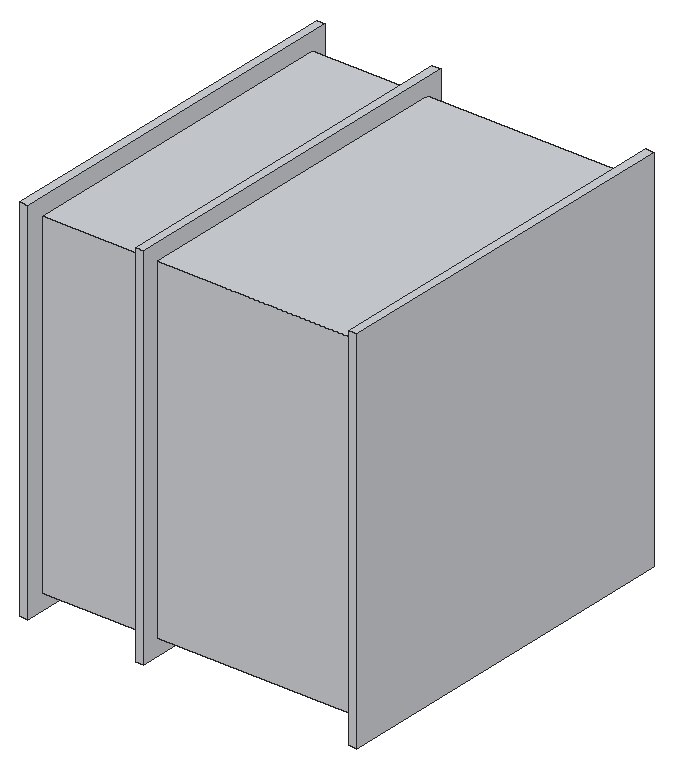
Revit family "D3060.40_Motorized Fire Damper", category Duct Accessories, Revit 2020
Family settings
  Round Connector Dimension = Use Diameter
  Part Type = Breaks Into
  OmniClass Number = 23.75.70.11.14.14
  OmniClass Title = Dampers for Air Ductwork
  Work Plane-Based = No
  Always vertical = Yes
  Cut with Voids When Loaded = No
  Shared = No
Parameters
  YUV2 [instance] = Half Damper Width - 35 mm  # 165 mm
  YUK [instance] = 2 * Half Damper Height + 40 mm  # 440 mm
  YD2 = yes
  YD1 = no
  URL = ""
  Type Comments = ""
  Symbol Width [instance] = Damper Width * 1.5  # 600 mm
  Model = ""
  Manufacturer = ""
  Keynote = ""
  Half Symbol Width [instance] = Symbol Width / 2  # 300 mm
  Half Damper Width [instance] = Damper Width / 2  # 200 mm
  Half Damper Length = Damper Length / 2  # 190 mm
  Half Damper Height [instance] = Damper Height / 2  # 200 mm
  GEN [instance] = 2 * Half Damper Width + 40 mm  # 440 mm
  Default Elevation = 0 mm
  Damper Yukseklik [instance] = Damper Height  # 400 mm
  Damper Width [instance] = 400 mm
  Damper Material = none
  Damper Length = 380 mm
  Damper Height [instance] = 400 mm
  Damper Genislik [instance] = Damper Width  # 400 mm
  DAMPER YUK [instance] = Damper Yukseklik  # 400 mm
  DAMPER GEN [instance] = Damper Genislik  # 400 mm
  Assembly Code = "D3060.40"
Reference planes
  plane 1 "Center (Front/Back)": y = 0
  plane 2: z = 0
  plane 3 "Center (Left/Right)": x = 0
  plane 4: y = 200
  plane 5: y = -200
  plane 6: z = 200
  plane 7: z = -200
  plane 8: x = -190
  plane 9: x = 190
  plane 10: y = 238.1
  plane 11: y = 244.45
  plane 12: y = 300
  plane 13: y = -300
  plane 14: x = -63
Forms (mm)
  Extrusion 1, solid, material <- "Damper Material", detail levels fine
    sketch origin (0, 0, 0) x (0, 1, 0) y (0, 0, 1)
      loop
        line (-200, 200) -> (-200, -200) -> (200, -200) -> (200, 200) -> (-200, 200)
    from -190 to 190
  Extrusion 2, solid, material <- "Damper Material", detail levels coarse+medium
    sketch origin (0, 0, 0) x (0, 1, 0) y (0, 0, 1)
      loop
        line (200, 200) -> (-200, 200) -> (-200, -200) -> (200, -200) -> (200, 200)
    from -190 to 190
  Extrusion 3, solid, material <- "Damper Material"
    sketch origin (-190, 0, 0) x (0, -1, 0) y (0, 0, 1)
      loop
        line (-220, 220) -> (-220, -220) -> (220, -220) -> (220, 220) -> (-220, 220)
    from 0 to 10
  Extrusion 4, solid, material <- "Damper Material"
    sketch origin (-53, 0, 0) x (0, -1, 0) y (0, 0, 1)
      loop
        line (-220, 220) -> (-220, -220) -> (220, -220) -> (220, 220) -> (-220, 220)
      loop
        line (-200, 200) -> (-200, -200) -> (200, -200) -> (200, 200) -> (-200, 200)
    from 0 to 10
  Extrusion 5, solid, material <- "Damper Material"
    sketch origin (172.5, 0, 0) x (0, -1, 0) y (0, 0, 1)
      loop
        line (-220, 220) -> (-220, -220) -> (220, -220) -> (220, 220) -> (-220, 220)
    from -27.5 to -17.5
  Extrusion 6, solid, material <- "Damper Material"
    sketch origin (-40, 400, 690) x (0, 0, -1) y (-1, 0, 0)
      loop
        line (630, -195) -> (750, -195) -> (750, -32.5) -> (630, -32.5) -> (630, -195)
    from -200 to -130
Lines and regions (mm)
  symbolic lines, detail levels coarse+medium
    curve 1: line (0, 300, 0) -> (0, -300, 0)
    curve 2: line (0, 300, 0) -> (-190, 300, 0)
    curve 3: line (-190, 200, 0) -> (-190, -200, 0)
    curve 4: line (190, 200, 0) -> (190, -200, 0)
  model lines, visible <- "YD2"
    curve 5: line (-63, -200, 200) -> (-190, 200, 200)
    curve 6: line (-63, 200, -200) -> (-190, 200, 200)
    curve 7: line (-190, -200, -200) -> (-63, 200, -200)
    curve 8: line (-190, -200, -200) -> (-63, -200, 200)
    curve 9: line (-190, -200, 200) -> (-63, 200, 200)
    curve 10: line (-63, -200, -200) -> (-190, 200, -200)
    curve 11: line (-63, -200, -200) -> (-190, -200, 200)
    curve 12: line (-190, 200, -200) -> (-63, 200, 200)
  model lines, visible <- "YD1"
    curve 13: line (-103, -200, 200) -> (-190, 200, 200)
    curve 14: line (-190, -200, -200) -> (-103, 200, -200)
    curve 15: line (-190, -200, 200) -> (-103, 200, 200)
    curve 16: line (-103, -200, -200) -> (-190, 200, -200)
    curve 17: line (-103, 200, -200) -> (-190, 200, 200)
    curve 18: line (-190, -200, -200) -> (-103, -200, 200)
    curve 19: line (-103, -200, -200) -> (-190, -200, 200)
    curve 20: line (-190, 200, -200) -> (-103, 200, 200)
Dimensions and locks
  "Half Damper Width": plane 4 to plane 1 "Center (Front/Back)"
  "Half Damper Width": plane 1 "Center (Front/Back)" to plane 5
  "Half Damper Height": plane 6 to plane 2
  "Half Damper Height": plane 2 to plane 7
  "Half Damper Length": plane 8 to plane 3 "Center (Left/Right)"
  "Half Damper Length": plane 3 "Center (Left/Right)" to plane 9
  locked: plane 4 to plane 10 at 38.1
  locked: plane 11 to plane 10 at 6.35
  "Half Symbol Width": plane 13 to plane 1 "Center (Front/Back)"
  "Half Symbol Width": plane 1 "Center (Front/Back)" to plane 12
  equal spacing: Extrusion 4, plane 2, Extrusion 4
  "YUK": Extrusion 3 to Extrusion 3
  equal spacing: Extrusion 3, plane 1 "Center (Front/Back)", Extrusion 3
  "GEN": Extrusion 3 to Extrusion 3
  equal spacing: Extrusion 3, plane 2, Extrusion 3
  equal spacing: Extrusion 4, plane 1 "Center (Front/Back)", Extrusion 4
  "GEN": Extrusion 4 to Extrusion 4
  "YUK": Extrusion 4 to Extrusion 4
  locked: Extrusion 3 to plane 8
  plane 9 to Extrusion 4 = 253 mm
  Extrusion 5 to Extrusion 5 = 440 mm  (x2)
  locked: plane 9 to Extrusion 5
  "GEN": Extrusion 5 sketch curve to Extrusion 5 sketch curve
  "YUK": Extrusion 5 sketch curve to Extrusion 5 sketch curve
  "GEN": Extrusion 4 sketch curve to Extrusion 4 sketch curve
  "YUK": Extrusion 4 sketch curve to Extrusion 4 sketch curve
  "GEN": Extrusion 3 sketch curve to Extrusion 3 sketch curve
  "YUK": Extrusion 3 sketch curve to Extrusion 3 sketch curve
  equal spacing: Extrusion 6, plane 2, Extrusion 6, locked at 60 each
  locked: Extrusion 6 to plane 4
  locked: Extrusion 6 to Extrusion 6 at 70
  locked: plane 9 to Extrusion 5 at 10
  locked: Extrusion 4 to Extrusion 4 at 10
  "Damper Width": Extrusion 4 sketch curve to Extrusion 4 sketch curve
  "Damper Height": Extrusion 4 sketch curve to Extrusion 4 sketch curve
  locked: Extrusion 4 to plane 14
  aligned and locked: Extrusion 1 to plane 4
  aligned and locked: plane 5 to Extrusion 1
  aligned and locked: plane 6 to Extrusion 1
  aligned and locked: Extrusion 1 to plane 7
  aligned and locked: Extrusion 1 to plane 8
  aligned and locked: plane 9 to Extrusion 1
  aligned and locked: plane 13 to curve 1
  aligned and locked: curve 1 to plane 3 "Center (Left/Right)"
  aligned and locked: plane 8 to curve 2
  aligned and locked: plane 12 to curve 2
  aligned and locked: plane 4 to curve 3
  aligned and locked: plane 5 to curve 3
  aligned and locked: curve 3 to plane 8
  aligned and locked: plane 4 to curve 4
  aligned and locked: plane 5 to curve 4
  aligned and locked: curve 4 to plane 9
  aligned and locked: Extrusion 2 to plane 4
  aligned and locked: plane 5 to Extrusion 2
  aligned and locked: plane 6 to Extrusion 2
  aligned and locked: Extrusion 2 to plane 7
  aligned and locked: Extrusion 2 to plane 8
  aligned and locked: plane 9 to Extrusion 2
Automatic sketch dimensions
  Extrusion 1 sketch curve to plane 5 = 0 mm
  Extrusion 1 sketch curve to plane 4 = 0 mm
  Extrusion 1 sketch curve to plane 7 = 0 mm
  Extrusion 1 sketch curve to plane 6 = 0 mm
  Extrusion 2 sketch curve to plane 5 = 0 mm
  Extrusion 2 sketch curve to plane 4 = 0 mm
  Extrusion 2 sketch curve to plane 7 = 0 mm
  Extrusion 2 sketch curve to plane 6 = 0 mm
  Extrusion 6 sketch curve to plane 3 "Center (Left/Right)" = 7.5 mm
  level to Extrusion 6 sketch curve = 60 mm
  Extrusion 6 sketch curve to level = 60 mm
  Extrusion 6 sketch curve to plane 9 = 35 mm
  curve 15 to Extrusion 1 = 0 mm  (x2)
  curve 13 to Extrusion 1 = 0 mm  (x3)
  curve 5 to Extrusion 1 = 0 mm
  Extrusion 1 to curve 9 = 0 mm
  Extrusion 1 to curve 15 = 0 mm
  Extrusion 1 to curve 15 = 87 mm
  Extrusion 1 to curve 13 = 87 mm
  curve 5 to curve 13 = 40 mm
  curve 9 to curve 15 = 40 mm
  curve 19 to Extrusion 1 = 0 mm
  curve 11 to Extrusion 1 = 0 mm  (x3)
  curve 18 to Extrusion 1 = 0 mm  (x3)
  curve 8 to Extrusion 1 = 0 mm
  Extrusion 1 to curve 19 = 87 mm
  Extrusion 1 to curve 18 = 87 mm
  curve 11 to curve 19 = 40 mm
  curve 8 to curve 18 = 40 mm
  curve 7 to Extrusion 1 = 0 mm
  curve 10 to Extrusion 1 = 0 mm  (x3)
  curve 14 to Extrusion 1 = 0 mm  (x3)
  curve 16 to Extrusion 1 = 0 mm
  curve 16 to curve 7 = 87 mm
  curve 14 to curve 10 = 87 mm
  curve 10 to curve 16 = 40 mm
  curve 7 to curve 14 = 40 mm
  curve 6 to Extrusion 1 = 0 mm  (x3)
  curve 12 to Extrusion 1 = 0 mm
  curve 20 to Extrusion 1 = 0 mm  (x3)
  curve 17 to Extrusion 1 = 0 mm
  Extrusion 1 to curve 20 = 87 mm
  Extrusion 1 to curve 17 = 87 mm
  curve 6 to curve 17 = 40 mm
  curve 12 to curve 20 = 40 mm
  Extrusion 2 to Extrusion 3 sketch curve = 20 mm  (x2)
  Extrusion 4 sketch curve to plane 4 = 0 mm
  Extrusion 4 sketch curve to plane 7 = 0 mm
  Extrusion 4 sketch curve to plane 10 = 18.1 mm
  Extrusion 4 sketch curve to plane 7 = 20 mm
  Extrusion 5 sketch curve to plane 10 = 18.1 mm
  Extrusion 5 sketch curve to plane 7 = 20 mm
Nested families
  nested 1: "M_Duct Accessories Tag" at (0, 0, 0), type "M_Duct Accessories Tag"
  nested 2: "M_Duct Accessories Tag" at (0, 0, 0), type "M_Duct Accessories Tag"
Connectors
  hvac at (-190, 0, 0), driven by "Damper Height", driven by "Damper Width"
    settings: on Extrusion 1, index 1, duct flow 0.0 L/s, flow factor 0, pres drop 0.0 Pa, loss coef 0, conn angle 0.00°, conn width 400 mm, conn height 400 mm, conn diameter 609.6 mm, duct sys type 29, conn prof type 1, flow config 0, flow direction 0, loss method 0, conn ref index 2, conn util no, is conn primary no, conn desc ""
  hvac at (190, 0, 0), driven by "Damper Height", driven by "Damper Width"
    settings: on Extrusion 1, index 2, duct flow 0.0 L/s, flow factor 0, pres drop 0.0 Pa, loss coef 0, conn angle 0.00°, conn width 400 mm, conn height 400 mm, conn diameter 609.6 mm, duct sys type 29, conn prof type 1, flow config 0, flow direction 0, loss method 0, conn ref index 1, conn util no, is conn primary yes, conn desc ""
Definition of nested family "M_Duct Accessories Tag"
  Reference planes
    plane 1: y = 0
    plane 2: x = 0
